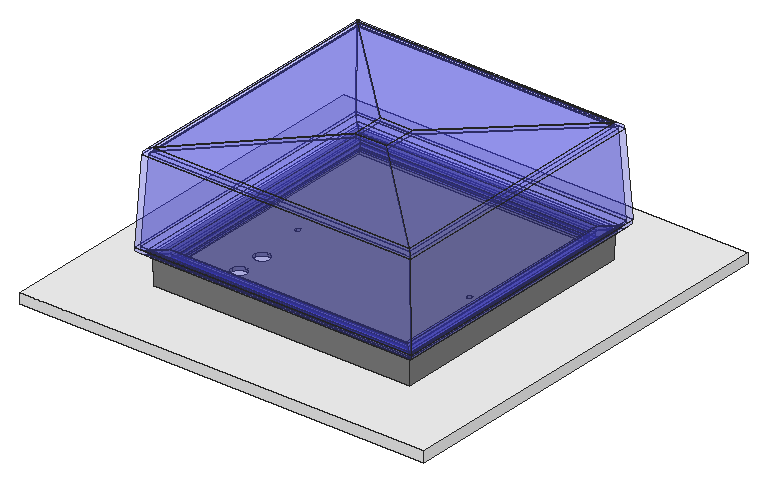
Revit family "BE_38301_de_DE", category Leuchten, Revit 2015
Parameters (values of type "BEGA_38301_Grafit_K3")
  built-in parameter 1150104 = 8.3613 (stored number, unit not read)
  Wattage = 24 W
  Default Elevation = 0 mm
  built-in parameter 1150113 = 1 (stored number, unit not read)
  built-in parameter 1114218 = 1 (stored number, unit not read)
  Umgebungstemperatur = ""
  URL = "http://www.bega.de/produkt/38301"
  Typenkommentare = "© 2015 BEGA. Wir behalten uns das Recht vor, technische Änderungen ohne vorherige Ankündigung vorzunehmen."  # constant formula
  Type Image = 38301.png
  built-in parameter 1150134 = (empty or 0)
  built-in parameter 1150109 = 1 (stored number, unit not read)
  Strom = ""
  built-in parameter 1150110 = 1 (stored number, unit not read)
  Spannung = 0 V
  Sonderanfertigung = no
  Seriennummer [instance] = "Hier können Sie die eindeutige Seriennummer für das Facility Management eintragen."
  Schutzklasse = "I"
  Schutzart = "IP 44"
  Scheinlast = 0 VA
  Produktdatenblatt = "http://www.bega.de/download/datenblaetter/de/38301.pdf"
  Oberflächentemperatur = ""
  Neigungswinkel = 0.00°
  Modell = "38301"
  Material_11 = BEGA_Glas_opal
  Material_01 [instance] = BEGA_Oberfläche_Grafit_matt
  M_W = no
  M_G = yes
  M_A = no
  Logo = 0
  built-in parameter 1114217 = 1 (stored number, unit not read)
  built-in parameter 1150139 = (empty or 0)
  built-in parameter 1150105 = 171.89 (stored number, unit not read)
  built-in parameter 1150114 = 1 (stored number, unit not read)
  Lumens = 2160 lm
  built-in parameter 1150115 = 1 (stored number, unit not read)
  Leuchtenlichtstrom = "1685 lm"
  Leuchtenanzahl = ""
  Lebensdauerkriterien = "L70 = 50.000 h"
  Lastklassifizierung = Beleuchtung
  built-in parameter 1150112 = 1 (stored number, unit not read)
  Lampenlichtstrom = "2160 lm"
  Lampe = "LED 24 W"
  LED_Modulbezeichnung = "2x LED-0607/830 "
  built-in parameter 1150142 = (empty or 0)
  Hersteller = "BEGA"  # constant formula
  Gewicht = "3.1 kg"
  Gebrauchslageneinschränkung [instance] = ""
  Frequenz = "50/60 Hz"
  Farbwiedergabeindex = "Ra > 80"
  Farbtemperaturverschiebung bei Dämpfen der Lampe = <Keine Auswahl>
  Farbtemperatur = "3000 K"
  Color Filter = 16777215
  built-in parameter 1150133 = 10 (stored number, unit not read)
  Energieeffizienzklasse = "LED A++ - A"
  built-in parameter 1150137 = (empty or 0)
  built-in parameter 1150132 = (empty or 0)
  ENEC = ""
  Datei für fotometrisches Netz = "BE_38301.IES"
  CE_Konformität = "ja"
  Bestellnummer = "38301"
  Beschreibung_Sonderanfertigung = "Hier können Sie Informationen zur Sonderanfertigung eintragen."
  Beschreibung = "Decken- und Wandleuchte"
  built-in parameter 1150106 = 1.7189 (stored number, unit not read)
  Befestigungsbohrung = "Ø 5 mm"
  Befestigungsabstand = "170 mm"
  Ballwurfsicher = ""
  BEGA_Intern_aus = yes
  BEGA_Intern_an = yes
  BEGA_Intern_Konstruktion = yes
  BEGA_Intern = yes
  BEGA_IES = yes
  BEGA_Dummy = no
  Anschlussleitung = ""
  Anschlussleistung [instance] = "24 W"
  built-in parameter 1150107 = 3000 (stored number, unit not read)
  built-in parameter 1150102 = (empty or 0)
  built-in parameter 1150138 = (empty or 0)
  Aktualisierung = "2016-01-21T04:09:11"
  AC/DC = "AC"
Reference planes
  plane 1 "Mitte (Vorne/Hinten)": y = 0
  plane 2: z = 0
  plane 3 "Mitte (Links/Rechts)": x = 0
  plane 4 "Links": x = -137.097
  plane 5 "Rechts": x = 137.097
  plane 6 "Unten": y = -137.097
  plane 7 "Oben": y = 137.097
  plane 8 "Vorne": z = 124.75
Forms (mm)
  Extrusion 1, solid, material "BEGA_Platte_Weiss"
    sketch origin (0, -1119.2, 0) x (1, 0, 0) y (0, 1, 0)
      loop
        line (-200, 1319.2) -> (-200, 919.2) -> (200, 919.2) -> (200, 1319.2) -> (-200, 1319.2)
    from 0 to -10
  Extrusion 2, solid, material "BEGA_Dummy_matt", visible <- "BEGA_Dummy"
    sketch origin (80.095, -76.023, 0) x (1, 0, 0) y (0, 1, 0)
      loop
        line (-217.193, 213.12) -> (-217.193, -61.074) -> (57.002, -61.074) -> (57.002, 213.12) -> (-217.193, 213.12)
    from 0 to 124.75
Dimensions and locks
  plane 1 "Mitte (Vorne/Hinten)" to Extrusion 1 = 200 mm
  aligned and locked: plane 2 to Extrusion 1
  aligned and locked: level to Extrusion 1
Nested families
  nested 1: "BE_38301" at (0, 0, 0), type "BE_38301"
Connectors
  electrical at (0, 0, 0), driven by "Lastklassifizierung", driven by "Spannung", driven by "Scheinlast"
    settings: index 1, voltage 0 V, apparent load 0 VA, apparent load phase1 0 VA, apparent load phase2 0 VA, apparent load phase3 0 VA, power factor 1, load classification "Beleuchtung", number of poles 1, system type 31, power factor state 1, is connector primary yes, connector utility no, sub classification motor no, connector description ""
Definition of nested family "BE_38301"
  Parameters (values of type "BE_38301")
    Default Elevation = 1 mm
    URL = "http://www.bega.de/de/produkt"
    Type Comments = "© 2015 BEGA. Wir behalten uns das Recht vor, technische Änderungen ohne vorherige Ankündigung vorzunehmen. "  # constant formula
    Type Image = (empty or 0)
    Material_17 = none
    Material_15 = none
    Material_11 = none
    Material_09 = none
    Material_06 = none
    Material_02 = none
    Material_01 = none
    M_W = yes
    M_G = yes
    M_A = yes
    Länge_Platte = 200 mm  # constant formula
    Höhe_Platte = -10 mm  # constant formula
    Manufacturer = "BEGA"  # constant formula
    Breite_Platte = 200 mm  # constant formula
  Reference planes
    plane 1 "Mitte (Oben/Unten)": y = 0
    plane 2: z = 0
    plane 3 "Mitte (Links/Rechts)": x = 0
    plane 4 "Vorne": z = 124.75
    plane 5: x = 137.097
    plane 6: x = -137.097
    plane 7: y = 137.097
    plane 8: y = -137.097
  Forms (mm)
    Extrusion 1, solid, detail levels medium
      sketch origin (0, 0, 0) x (1, 0, 0) y (0, 1, 0)
        loop
          line (-100, 100) -> (-100, -100) -> (100, -100) -> (100, 100) -> (-100, 100)
      from 0 to -10 <- "Höhe_Platte"
    Sweep 2, solid, material <- "Material_01", visible <- "M_G", detail levels medium+fine
      path origin (0, 0, 0) x (1, 0, 0) y (0, 1, 0)
        loop
          line (-128.25, 128.25) -> (-128.25, -128.212) -> (128.25, -128.212) -> (128.25, 128.25) -> (-128.25, 128.25)
      profile origin (0, 128.25, 0) x (0, 1, 0) y (0, 0, 1)
        loop
          line (-1.679, 0) -> (-1.25, 24.6) -> (0, 24.6) -> (-0.038, 26.8) -> (-3.75, 26.8) -> (-4.413, 7.8) -> (-98.25, 7.8) -> (-98.25, 5) -> (-3.425, 5) -> (-3.25, 0) -> (-1.679, 0)
    Extrusion 3, solid, material <- "Material_01", visible <- "M_G", detail levels medium+fine
      sketch origin (0, 0, 0) x (1, 0, 0) y (0, 1, 0)
        loop
          line (-30, -29.962) -> (30, -29.962) -> (30, 30) -> (-30, 30) -> (-30, -29.962)
      from 5 to 7.8
    Sweep 4, solid, material <- "Material_11", detail levels medium+fine
      path origin (0, 0, 0) x (1, 0, 0) y (0, 1, 0)
        loop
          line (-127, 127) -> (-127, -126.962) -> (127, -126.962) -> (127, 127) -> (-127, 127)
      profile origin (0, 127, 0) x (0, 1, 0) y (0, 0, 1)
        loop
          line (-10.25, 14.8) -> (-6.75, 14.8) -> (-6.75, 19.718) -> (-9.536, 20.542)
          arc (-9.536, 20.542) -> (-10.231, 21.006) -> (-10.5, 21.797) r 1.3
          line (-10.5, 21.797) -> (-10.5, 25.53)
          arc (-10.5, 25.53) -> (-10.127, 26.441) -> (-9.222, 26.83) r 1.3
          line (-9.222, 26.83) -> (3.27, 27.121)
          arc (3.27, 27.121) -> (8.24, 29.36) -> (10.097, 34.486) r 7
          line (10.097, 34.486) -> (5.807, 116.345)
          arc (5.807, 116.345) -> (3.993, 120.319) -> (-0.035, 122.01) r 6
          arc (-0.035, 122.01) -> (-55.565, 123.805) -> (-111.116, 124.75) r 3627.296
          line (-111.116, 124.75) -> (-111.116, 121.25)
          arc (-111.116, 121.25) -> (-55.598, 120.338) -> (-0.101, 118.51) r 3366.598
          arc (-0.101, 118.51) -> (1.559, 117.793) -> (2.3, 116.143) r 2.5
          line (2.3, 116.143) -> (6.602, 34.303)
          arc (6.602, 34.303) -> (5.678, 31.745) -> (3.201, 30.621) r 3.5
          line (3.201, 30.621) -> (-9.312, 30.329)
          arc (-9.312, 30.329) -> (-12.633, 28.884) -> (-14, 25.53) r 4.8
          line (-14, 25.53) -> (-14, 21.797)
          arc (-14, 21.797) -> (-12.947, 18.797) -> (-10.25, 17.114) r 4.8
          line (-10.25, 17.114) -> (-10.25, 14.8)
    Extrusion 5, solid, material <- "Material_11", detail levels medium+fine
      sketch origin (0, 0, 0) x (1, 0, 0) y (0, 1, 0)
        loop
          line (-15.884, -15.845) -> (15.884, -15.845) -> (15.884, 15.884) -> (-15.884, 15.884) -> (-15.884, -15.845)
      from 121.25 to 124.75
    Extrusion 6, void
      sketch origin (0, 0, 0) x (1, 0, 0) y (0, 1, 0)
        loop
          circle (-85, 0) r 2.5
        loop
          circle (85, 0) r 2.5
        loop
          circle (-80, -50) r 7.5
        loop
          circle (-80, -79) r 7.5
      from 0 to 16.8
  Cuts and joins
    Extrusion 6 cuts Sweep 2
    Extrusion 6 cuts Extrusion 3
    joined: Sweep 2, Extrusion 3
    Extrusion 6 cuts Sweep 4
    Extrusion 6 cuts Extrusion 5
    joined: Sweep 4, Extrusion 5
  Dimensions and locks
    equal spacing: Extrusion 1 sketch curve, plane 3 "Mitte (Links/Rechts)", Extrusion 1 sketch curve
    equal spacing: Extrusion 1 sketch curve, plane 1 "Mitte (Oben/Unten)", Extrusion 1 sketch curve
    "Länge_Platte": Extrusion 1 sketch curve to Extrusion 1 sketch curve
    "Breite_Platte": Extrusion 1 sketch curve to Extrusion 1 sketch curve
    aligned and locked: plane 2 to Extrusion 1
    aligned and locked: level to Extrusion 1
  Automatic sketch dimensions
    Sweep 2 sketch curve to level = 0 mm
    Sweep 2 sketch curve to profile plane = 0 mm
    profile plane to Sweep 2 sketch curve = 0.038 mm
    profile plane to Sweep 2 sketch curve = 1.25 mm
    profile plane to Sweep 2 sketch curve = 3.425 mm
    Sweep 2 sketch curve to Sweep 2 sketch curve = 2.5 mm
    Sweep 2 sketch curve to Sweep 2 sketch curve = 0.989 mm
    level to Sweep 2 sketch curve = 5 mm
    Sweep 2 sketch curve to Sweep 2 sketch curve = 93.837 mm
    Sweep 2 sketch curve to Sweep 2 sketch curve = 2.8 mm
    Sweep 2 sketch curve to Sweep 2 sketch curve = 16.8 mm
    Sweep 2 sketch curve to Sweep 2 sketch curve = 2.2 mm
    profile plane to Sweep 2 sketch curve = 1.679 mm
    Sweep 2 sketch curve to Sweep 2 sketch curve = 1.571 mm
    Extrusion 3 sketch curve to plane 3 "Mitte (Links/Rechts)" = 30 mm
    Extrusion 3 sketch curve to plane 1 "Mitte (Oben/Unten)" = 30 mm
    plane 3 "Mitte (Links/Rechts)" to Extrusion 3 sketch curve = 30 mm
    plane 1 "Mitte (Oben/Unten)" to Extrusion 3 sketch curve = 29.962 mm
    Sweep 4 sketch curve to Sweep 4 sketch curve = 0 mm  (x24)
    Sweep 4 sketch curve to Sweep 4 sketch curve = 0.013 mm  (x2)
    profile plane to Sweep 4 sketch curve = 145.015 mm
    profile plane to Sweep 4 sketch curve = 138.65 mm
    profile plane to Sweep 4 sketch curve = 111.116 mm
    profile plane to Sweep 4 sketch curve = 10.25 mm
    Sweep 4 sketch curve to Sweep 4 sketch curve = 0.714 mm
    Sweep 4 sketch curve to Sweep 4 sketch curve = 0.313 mm
    Sweep 4 sketch curve to Sweep 4 sketch curve = 0.022 mm
    Sweep 4 sketch curve to Sweep 4 sketch curve = 0.336 mm
    Sweep 4 sketch curve to Sweep 4 sketch curve = 2.786 mm
    profile plane to Sweep 4 sketch curve = 0.196 mm
    Sweep 4 sketch curve to profile plane = 3.107 mm
    Sweep 4 sketch curve to profile plane = 3.201 mm
    Sweep 4 sketch curve to profile plane = 5.807 mm
    Sweep 4 sketch curve to level = 3502.388 mm
    Sweep 4 sketch curve to Sweep 4 sketch curve = 257.153 mm
    level to Sweep 4 sketch curve = 14.8 mm
    Sweep 4 sketch curve to Sweep 4 sketch curve = 2.314 mm
    Sweep 4 sketch curve to Sweep 4 sketch curve = 2.605 mm
    Sweep 4 sketch curve to Sweep 4 sketch curve = 0.823 mm
    Sweep 4 sketch curve to Sweep 4 sketch curve = 1.256 mm  (x2)
    Sweep 4 sketch curve to Sweep 4 sketch curve = 3.732 mm  (x2)
    Sweep 4 sketch curve to Sweep 4 sketch curve = 1.3 mm
    Sweep 4 sketch curve to Sweep 4 sketch curve = 3.791 mm
    Sweep 4 sketch curve to Sweep 4 sketch curve = 3.499 mm  (x2)
    Sweep 4 sketch curve to Sweep 4 sketch curve = 81.893 mm
    Sweep 4 sketch curve to Sweep 4 sketch curve = 0.333 mm
    Sweep 4 sketch curve to Sweep 4 sketch curve = 8.738 mm
    Sweep 4 sketch curve to Sweep 4 sketch curve = 3.5 mm  (x2)
    Sweep 4 sketch curve to Sweep 4 sketch curve = 0.09 mm
    profile plane to Sweep 4 sketch curve = 0.101 mm
    Sweep 4 sketch curve to profile plane = 3.27 mm
    Sweep 4 sketch curve to Sweep 4 sketch curve = 3.495 mm  (x2)
    Sweep 4 sketch curve to Sweep 4 sketch curve = 0.131 mm
    Extrusion 5 sketch curve to plane 3 "Mitte (Links/Rechts)" = 15.884 mm
    Extrusion 5 sketch curve to plane 1 "Mitte (Oben/Unten)" = 15.884 mm
    plane 3 "Mitte (Links/Rechts)" to Extrusion 5 sketch curve = 15.884 mm
    plane 1 "Mitte (Oben/Unten)" to Extrusion 5 sketch curve = 15.845 mm
    plane 1 "Mitte (Oben/Unten)" to Extrusion 6 sketch curve = 0 mm  (x2)
    Extrusion 6 sketch curve to plane 3 "Mitte (Links/Rechts)" = 85 mm
    Extrusion 6 sketch curve to Extrusion 6 sketch curve = 5 mm
    Extrusion 6 sketch curve to Extrusion 6 sketch curve = 0 mm
    plane 3 "Mitte (Links/Rechts)" to Extrusion 6 sketch curve = 85 mm
    plane 1 "Mitte (Oben/Unten)" to Extrusion 6 sketch curve = 50 mm
    Extrusion 6 sketch curve to Extrusion 6 sketch curve = 29 mm
    plane 3 "Mitte (Links/Rechts)" to Sweep 2 sketch curve = 128.25 mm
    plane 3 "Mitte (Links/Rechts)" to Sweep 4 sketch curve = 127 mm
    Sweep 2 sketch curve to plane 3 "Mitte (Links/Rechts)" = 128.25 mm
    Sweep 4 sketch curve to plane 3 "Mitte (Links/Rechts)" = 127 mm
    plane 1 "Mitte (Oben/Unten)" to Sweep 2 sketch curve = 128.212 mm
    plane 1 "Mitte (Oben/Unten)" to Sweep 4 sketch curve = 126.962 mm
    Sweep 2 sketch curve to plane 1 "Mitte (Oben/Unten)" = 128.25 mm
    Sweep 4 sketch curve to plane 1 "Mitte (Oben/Unten)" = 127 mm
    radius of Extrusion 6 sketch curve = 2.5 mm  (x2)
    radius of Extrusion 6 sketch curve = 7.5 mm  (x2)
